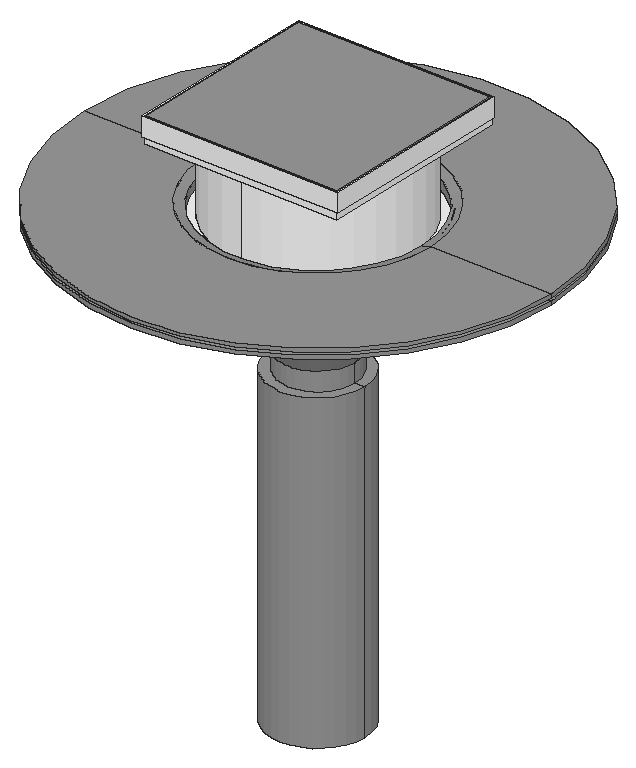
Revit family "HL_RU_Roof drain_HL69BP-B-221103", category Sanitärinstallationen, Revit 2020
Family settings
  Bemaßung runder Anschluss = Durchmesser verwenden
  Teiletyp = Normal
  OmniClass-Nummer = 23.70.50.21.24.14
  OmniClass-Titel = Deck Waste Water Drains
  Arbeitsebenenbasiert = Nein
  Immer vertikal = Ja
  Beim Laden mit Abzugskörper schneiden = Nein
  Gemeinsam genutzt = Nein
  Raumberechnungspunkt = Ja
Parameters (values of type "HL_Кровельная воронка_HL69BP_7")
  РЕШЁТКА = "Edelstahl 137x137mm"
  РАЗМЕР = "für DN75"
  ПРОПУСКНАЯ СПОСОБНОСТЬ [instance] = 0.0 L/s
  ПРОИЗВОДИТЕЛЬНОСТЬ = "7,00 l/sec"
  ПРАВОВАЯ ИНФОРМАЦИЯ = "Авторские права(©), права на дизайн или какие либо другие права интелектуальной собственности являются исключительной собственностью компании HL Hutterer & Lechner. Изменению не подлежит. Файл семейства с данными о прозводителе изделия защищен паролем с водяным знаком."
  НОМИНАЛЬНЫЙ ДИАМЕТР = 75 mm
  НАСАДКА = "12-65mm/148x148mm"
  МАТЕРИАЛ = "PP/PVC"
  МАКСИМАЛЬНАЯ НАГРУЗКА КЛАССА = "K - 300 kg"
  ВЫСОТА МОНТАЖА = "301 mm"
  ВЕС = "1,961 [kg]"
  Vorgabe-Ansicht = 0 mm
  Hersteller = "HL Hutterer & Lechner GmbH"  # constant formula
  URL = "http://www.hutterer-lechner.com/ru/products/catalog/roof-drains/HL69BP/7.aspx"
  Материал плитка [instance] = none
  Lüftungsverbindung = no
  Abwasserrohrverbindung = yes
  HW-Verbindung = no
  KW-Verbindung = no
  Beschreibung = "Кровельные воронки"
  Model = "HL69BP_7"
  Assembly Code = " "
  Typenkommentare = "HL69BP/7, \"Ремонтная\" кровельная воронка с ПВХ_консолью для DN75. Может использоваться для эксплуатируемой кровли _ 148х148мм/137х137мм"
  Keynote = "HL69BP_7"
  Bысота монтажа [instance] = 65 mm
  G [instance] = 180.00°  # constant formula
  EAN = "9003076022748"
  D [instance] = if(НОМИНАЛЬНЫЙ ДИАМЕТР = 75 mm, 250.7 mm, if(НОМИНАЛЬНЫЙ ДИАМЕТР = 160 mm, 250.7 mm, 363.5 mm)) + Bысота монтажа  # 315.7 mm
  C [instance] = if(Bысота монтажа - 68 mm < 0 mm, 0 mm, Bысота монтажа - 68 mm)  # 0 mm
  B [instance] = 100 mm  # constant formula
  A [instance] = if(B - 100 mm > 15 mm, B - 100 mm, 15 mm)  # 15 mm
Types (4, lengths in mm): name | РАЗМЕР | ПРОИЗВОДИТЕЛЬНОСТЬ | НОМИНАЛЬНЫЙ ДИАМЕТР | ВЕС | URL | Model | Typenkommentare | Keynote | EAN | D
  (no name) | "für DN75" | "7,00 l/sec" | 75 | "1,961 [kg]" | "http://www.hutterer-lechner.com/ru/products/catalog/roof-drains/HL69BP/7.aspx" | "HL69BP_7" | "HL69BP/7, \"Ремонтная\" кровельная воронка с ПВХ_консолью для DN75. Может использоваться для эксплуатируемой кровли _ 148х148мм/137х137мм" | "HL69BP_7" | "9003076022748" | 315.7
  HL_Кровельная воронка_HL69BP_1 | "für DN110" | "6,83 l/s" | 110 | "2,02 [kg]" | "http://www.hutterer-lechner.com/ru/products/catalog/roof-drains/HL69BP/1.aspx" | "HL69BP_1" | "HL69BP/1, \"Ремонтная\" кровельная воронка с ПВХ_консолью для DN110. Может использоваться для эксплуатируемой кровли _ 148х148мм/137х137мм" | "HL69BP_1" | "9003076022687" | 428.5
  HL_Кровельная воронка_HL69BP_5 | "für DN160" | "6,50 l/s" | 160 | "2,02 [kg]" | "http://www.hutterer-lechner.com/ru/products/catalog/roof-drains/HL69BP/5.aspx" | "HL69BP_5" | "HL69BP/5, \"Ремонтная\" кровельная воронка с ПВХ_консолью для DN160. Может использоваться для эксплуатируемой кровли _ 148х148мм/137х137мм" | "HL69BP_5" | "9003076022724" | 315.7
  HL_Кровельная воронка_HL69BP_7 | "für DN75" | "7,00 l/sec" | 75 | "1,961 [kg]" | "http://www.hutterer-lechner.com/ru/products/catalog/roof-drains/HL69BP/7.aspx" | "HL69BP_7" | "HL69BP/7, \"Ремонтная\" кровельная воронка с ПВХ_консолью для DN75. Может использоваться для эксплуатируемой кровли _ 148х148мм/137х137мм" | "HL69BP_7" | "9003076022748" | 315.7
Reference planes
  plane 1 "Center (Front/Back)": y = 0
  plane 2: z = 0
  plane 3 "Center (Left/Right)": x = 0
  plane 4: z = -100
  plane 5: z = -65
Lines and regions (mm)
  model lines, style "InvisibleLines"
    curve 1: line (0, 0, 0) -> (0, 0, 20)
  model lines, style "PlumbingFixtures", detail levels coarse+medium
    curve 2: line (0, 0, -100) -> (0, 0, -85)
    curve 3: line (0, 0, -85) -> (-85, 0, 0)
    curve 4: line (0, 0, -85) -> (85, 0, 0)
    curve 6: line (0, 0, -100) -> (0, 0, -415.7)
  reference lines, not visible
    curve 5: line (0, 0, -100) -> (0, 0, -415.7)
  symbolic lines, style "PlumbingFixtures", detail levels coarse+medium
    curve 7: line (-75, 75, 0) -> (75, 75, 0)
    curve 8: line (-75, -75, 0) -> (-75, 75, 0)
    curve 9: line (75, -75, 0) -> (-75, -75, 0)
    curve 10: line (75, 75, 0) -> (75, -75, 0)
    curve 11: line (-75, 75, 0) -> (-145.711, 145.711, 0)
    curve 12: line (75, 75, 0) -> (145.711, 145.711, 0)
    curve 13: line (-75, -75, 0) -> (-145.711, -145.711, 0)
    curve 14: line (75, -75, 0) -> (145.711, -145.711, 0)
  symbolic lines, style "PlumbingFixtures", not visible, detail levels coarse+medium
    curve 15: line (-75, 75, 0) -> (75, 75, 0)
    curve 16: line (-75, -75, 0) -> (-75, 75, 0)
    curve 17: line (75, -75, 0) -> (-75, -75, 0)
    curve 18: line (75, 75, 0) -> (75, -75, 0)
    curve 19: line (-75, 75, 0) -> (-145.711, 145.711, 0)
    curve 20: line (75, 75, 0) -> (145.711, 145.711, 0)
    curve 21: line (-75, -75, 0) -> (-145.711, -145.711, 0)
    curve 22: line (75, -75, 0) -> (145.711, -145.711, 0)
Text (mm)
  text "FLOOR" at (-162.344, 0, -10.979), in view "Drain Construction View"
Dimensions and locks
  "B": plane 2 to plane 4
  "Bысота монтажа": plane 2 to plane 5
  "A": curve 4 to plane 4
  "D": curve 5 to curve 5
  "D": curve 6 to curve 6
  locked: curve 4 to plane 3 "Center (Left/Right)" (angle 45.00°)
  locked: plane 3 "Center (Left/Right)" to curve 3 (angle 45.00°)
  "G": angle curve 5 to plane 3 "Center (Left/Right)"
  aligned and locked: level to plane 2
  aligned and locked: plane 2 to curve 4
  aligned and locked: plane 2 to curve 3
  aligned and locked: plane 4 to curve 5
  aligned and locked: plane 3 "Center (Left/Right)" to curve 5
  aligned and locked: plane 4 to curve 2
  aligned and locked: curve 6 to plane 3 "Center (Left/Right)"
  aligned and locked: curve 6 to plane 4
  aligned and locked: plane 2 to nested 1
  aligned and locked: nested 2 to plane 3 "Center (Left/Right)"
  aligned and locked: plane 3 "Center (Left/Right)" to nested 1
  aligned and locked: nested 2 to plane 5
Automatic sketch dimensions
  curve 2 to plane 3 "Center (Left/Right)" = 0 mm
  curve 1 to plane 3 "Center (Left/Right)" = 0 mm
  curve 1 to level = 0 mm
  level to curve 1 = 20 mm
Nested families
  nested 1: "HL_Насадка_HL66.9S" at (0, 0, 0), Bысота монтажа <- "Bысота монтажа", type "HL_Grate frame_HL66.9S"
    with L 93 mm, IHmin 12 mm, IHmax 65 mm, Bысота монтажа 65 mm
  nested 2: "HL_кровельные воронки - корпус_HL69P" at (0, 0, -69.5), НОМИНАЛЬНЫЙ ДИАМЕТР <- "НОМИНАЛЬНЫЙ ДИАМЕТР", type "HL_кровельные воронки - корпус_HL69P"
    with НОМИНАЛЬНЫЙ ДИАМЕТР 75 mm, C no, B yes, A no
Connectors
  piping at (0, 0, -415.7), diameter 75, driven by "ПРОПУСКНАЯ СПОСОБНОСТЬ", driven by "НОМИНАЛЬНЫЙ ДИАМЕТР"
    settings: on curve 5, index 1, connector inside diameter 609.6 mm, connector length 0 mm, flow factor 0, pipe flow 0.0 L/s, pressure drop 0.0 Pa, fitting loss kfactor 0, connector angle 0.00°, fixture units 0, engagement length 0 mm, angle of deflection 0.00°, flow configuration 1, flow direction 2, fitting loss method 0, system type 16, joint type 0, gender type 0, connector reference index -1, connector utility 0, adjustable connector yes, is connector primary yes, connector description ""
Definition of nested family "HL_Насадка_HL66.9S"
  Parameters (values of type "HL_Grate frame_HL66.9S")
    РЕШЁТКА = "Edelstahl 138x138mm"
    РАЗМЕР = "d 145 mm"
    ПРАВОВАЯ ИНФОРМАЦИЯ = "Авторские права(©), права на дизайн или какие либо другие права интелектуальной собственности являются исключительной собственностью компании HL Hutterer & Lechner. Изменению не подлежит. Файл семейства с данными о прозводителе изделия защищен паролем с водяным знаком."
    НАСАДКА = "147x147mm"
    МАТЕРИАЛ = "PP"
    МАКСИМАЛЬНАЯ НАГРУЗКА КЛАССА = "K - 300 kg"
    ВЫСОТА МОНТАЖА = "12-65mm"
    Материал плитка = none
    ВЕС = "0,345 [kg]"
    Default Elevation = 0 mm
    L [instance] = if(Bысота монтажа < IHmin, -100 mm, if(Bысота монтажа > IHmax, -100 mm, Bысота монтажа + 28 mm))  # 93 mm
    Manufacturer = "HL Hutterer & Lechner GmbH"
    URL = "http://www.hutterer-lechner.com/ru/products/catalog/roof-drains/HL66.9.aspx"
    Description = "Кровельные воронки"
    Model = "HL66.9"
    Type Comments = "HL66.9, Насадка d 145мм с бороздками/147х147мм/138х138мм"
    Keynote = "HL66.9"
    Bысота монтажа [instance] = 65 mm
    IHmin [instance] = 12 mm
    IHmax [instance] = 65 mm
    EAN = "9003076014606"
    Cost = 0
  Reference planes
    plane 1 "Střed (vpředu/vzadu)": y = 0
    plane 2: z = 0
    plane 3 "Střed (vlevo/vpravo)": x = 0
  Forms (mm)
    Revolve 1, solid, detail levels fine
      sketch origin (0, 0, 128) x (0, 1, 0) y (0, 0, 1)
        loop
          line (72.5, -142) -> (69.248, -142) -> (69.248, -221) -> (72.5, -221) -> (72.5, -142)
        axis (0, -142) -> (0, -221)
      angle from 0 to 360
    Extrusion 2, solid, detail levels fine
      sketch origin (-1.537, 0, -14.6) x (0, 1, 0) y (-1, 0, 0)
        loop
          line (74, 72.459) -> (-74, 72.459) -> (-74, -75.537) -> (74, -75.537) -> (74, 72.459)
        loop
          line (73, 71.463) -> (-73, 71.463) -> (-73, -74.537) -> (73, -74.537) -> (73, 71.463)
      from 0.6 to 14.6
    Extrusion 3, solid, detail levels fine
      sketch origin (-1.537, 0, -14) x (-1, 0, 0) y (0, 1, 0)
        loop
          line (71.463, 73) -> (-74.537, 73) -> (-74.537, -73) -> (71.463, -73) -> (71.463, 73)
        loop
          circle (-1.537, 0) r 72.5
      from 0 to 5
    Extrusion 4, solid, detail levels fine
      sketch origin (-1.537, 0, -14) x (-1, 0, 0) y (0, -1, 0)
        loop
          line (70.95, -72.397) -> (70.95, 72.463) -> (-74.05, 72.463) -> (-74.05, -72.397) -> (70.95, -72.397)
      from 0 to 14
    Revolve 5, solid, detail levels fine
      sketch origin (0, 75.989, -93) x (0, -1, 0) y (0, 0, -1)
        loop
          line (3.489, -20) -> (3.489, 0) -> (0.186, 0) -> (-2.325, -2.511) -> (-2.325, -20) -> (3.489, -20)
        axis (75.989, -20) -> (75.989, 0)
      angle from 0 to 360
  Lines and regions (mm)
    model lines, detail levels fine
      curve 1: line (36.25, 24.325, 0) -> (36.25, -24.42, 0)
      curve 2: line (43.75, -24.42, 0) -> (43.75, 24.325, 0)
      curve 3: line (52.25, 40.306, 0) -> (52.25, -40.355, 0)
      curve 4: line (59.75, -40.355, 0) -> (59.75, 40.306, 0)
      curve 5: line (20.25, 8.588, 0) -> (20.25, -8.684, 0)
      curve 6: line (27.75, -8.684, 0) -> (27.75, 8.588, 0)
      curve 7: arc (27.75, 8.588, 0) -> (24, 12.338, 0) -> (20.25, 8.588, 0) r 3.75
      curve 8: arc (20.25, -8.684, 0) -> (24, -12.434, 0) -> (27.75, -8.684, 0) r 3.75
      curve 9: arc (36.25, -24.42, 0) -> (40, -28.17, 0) -> (43.75, -24.42, 0) r 3.75
      curve 10: arc (43.75, 24.325, 0) -> (40, 28.075, 0) -> (36.25, 24.325, 0) r 3.75
      curve 11: arc (59.75, 40.306, 0) -> (56, 44.056, 0) -> (52.25, 40.306, 0) r 3.75
      curve 12: arc (52.25, -40.355, 0) -> (56, -44.105, 0) -> (59.75, -40.355, 0) r 3.75
      curve 13: line (-24.325, -36.25, 0) -> (24.42, -36.25, 0)
      curve 14: line (24.42, -43.75, 0) -> (-24.325, -43.75, 0)
      curve 15: line (-40.306, -52.25, 0) -> (40.355, -52.25, 0)
      curve 16: line (40.355, -59.75, 0) -> (-40.306, -59.75, 0)
      curve 17: line (-8.588, -20.25, 0) -> (8.684, -20.25, 0)
      curve 18: line (8.684, -27.75, 0) -> (-8.588, -27.75, 0)
      curve 19: arc (-8.588, -27.75, 0) -> (-12.338, -24, 0) -> (-8.588, -20.25, 0) r 3.75
      curve 20: arc (8.684, -20.25, 0) -> (12.434, -24, 0) -> (8.684, -27.75, 0) r 3.75
      curve 21: arc (24.42, -36.25, 0) -> (28.17, -40, 0) -> (24.42, -43.75, 0) r 3.75
      curve 22: arc (-24.325, -43.75, 0) -> (-28.075, -40, 0) -> (-24.325, -36.25, 0) r 3.75
      curve 23: arc (-40.306, -59.75, 0) -> (-44.056, -56, 0) -> (-40.306, -52.25, 0) r 3.75
      curve 24: arc (40.355, -52.25, 0) -> (44.105, -56, 0) -> (40.355, -59.75, 0) r 3.75
      curve 25: line (36.25, -24.42, 0) -> (36.25, 24.325, 0)
      curve 26: line (43.75, 24.325, 0) -> (43.75, -24.42, 0)
      curve 27: line (52.25, -40.355, 0) -> (52.25, 40.306, 0)
      curve 28: line (59.75, 40.306, 0) -> (59.75, -40.355, 0)
      curve 29: line (20.25, -8.684, 0) -> (20.25, 8.588, 0)
      curve 30: line (27.75, 8.588, 0) -> (27.75, -8.684, 0)
      curve 31: arc (27.75, -8.588, 0) -> (24, -12.338, 0) -> (20.25, -8.588, 0) r 3.75
      curve 32: arc (20.25, 8.684, 0) -> (24, 12.434, 0) -> (27.75, 8.684, 0) r 3.75
      curve 33: arc (36.25, 24.42, 0) -> (40, 28.17, 0) -> (43.75, 24.42, 0) r 3.75
      curve 34: arc (43.75, -24.325, 0) -> (40, -28.075, 0) -> (36.25, -24.325, 0) r 3.75
      curve 35: arc (59.75, -40.306, 0) -> (56, -44.056, 0) -> (52.25, -40.306, 0) r 3.75
      curve 36: arc (52.25, 40.355, 0) -> (56, 44.105, 0) -> (59.75, 40.355, 0) r 3.75
      curve 37: line (24.42, -36.25, 0) -> (-24.325, -36.25, 0)
      curve 38: line (-24.325, -43.75, 0) -> (24.42, -43.75, 0)
      curve 39: line (40.355, -52.25, 0) -> (-40.306, -52.25, 0)
      curve 40: line (-40.306, -59.75, 0) -> (40.355, -59.75, 0)
      curve 41: line (8.684, -20.25, 0) -> (-8.588, -20.25, 0)
      curve 42: line (-8.588, -27.75, 0) -> (8.684, -27.75, 0)
      curve 43: arc (8.588, -27.75, 0) -> (12.338, -24, 0) -> (8.588, -20.25, 0) r 3.75
      curve 44: arc (-8.684, -20.25, 0) -> (-12.434, -24, 0) -> (-8.684, -27.75, 0) r 3.75
      curve 45: arc (-24.42, -36.25, 0) -> (-28.17, -40, 0) -> (-24.42, -43.75, 0) r 3.75
      curve 46: arc (24.325, -43.75, 0) -> (28.075, -40, 0) -> (24.325, -36.25, 0) r 3.75
      curve 47: arc (40.306, -59.75, 0) -> (44.056, -56, 0) -> (40.306, -52.25, 0) r 3.75
      curve 48: arc (-40.355, -52.25, 0) -> (-44.105, -56, 0) -> (-40.355, -59.75, 0) r 3.75
      curve 49: line (-36.25, 24.325, 0) -> (-36.25, -24.325, 0)
      curve 50: line (-43.75, -24.325, 0) -> (-43.75, 24.325, 0)
      curve 51: line (-52.25, 40.306, 0) -> (-52.25, -40.306, 0)
      curve 52: line (-59.75, -40.306, 0) -> (-59.75, 40.306, 0)
      curve 53: line (-20.25, 8.588, 0) -> (-20.25, -8.588, 0)
      curve 54: line (-27.75, -8.684, 0) -> (-27.75, 8.588, 0)
      curve 55: arc (-27.75, 8.588, 0) -> (-24, 12.338, 0) -> (-20.25, 8.588, 0) r 3.75
      curve 56: arc (-20.25, -8.684, 0) -> (-24, -12.434, 0) -> (-27.75, -8.684, 0) r 3.75
      curve 57: arc (-43.75, 24.325, 0) -> (-40, 28.075, 0) -> (-36.25, 24.325, 0) r 3.75
      curve 58: arc (-59.75, 40.306, 0) -> (-56, 44.056, 0) -> (-52.25, 40.306, 0) r 3.75
      curve 59: line (-36.25, -24.325, 0) -> (-36.25, 24.325, 0)
      curve 60: line (-43.75, 24.325, 0) -> (-43.75, -24.325, 0)
      curve 61: line (-52.25, -40.306, 0) -> (-52.25, 40.306, 0)
      curve 62: line (-59.75, 40.306, 0) -> (-59.75, -40.306, 0)
      curve 63: line (-20.25, -8.588, 0) -> (-20.25, 8.588, 0)
      curve 64: line (-27.75, 8.588, 0) -> (-27.75, -8.684, 0)
      curve 65: arc (-27.75, -8.588, 0) -> (-24, -12.338, 0) -> (-20.25, -8.588, 0) r 3.75
      curve 66: arc (-20.25, 8.684, 0) -> (-24, 12.434, 0) -> (-27.75, 8.684, 0) r 3.75
      curve 67: arc (-36.25, 24.42, 0) -> (-40, 28.17, 0) -> (-43.75, 24.42, 0) r 3.75
      curve 68: arc (-43.75, -24.325, 0) -> (-40, -28.075, 0) -> (-36.25, -24.325, 0) r 3.75
      curve 69: arc (-59.75, -40.306, 0) -> (-56, -44.056, 0) -> (-52.25, -40.306, 0) r 3.75
      curve 70: arc (-52.25, 40.355, 0) -> (-56, 44.105, 0) -> (-59.75, 40.355, 0) r 3.75
      curve 71: line (-24.42, 36.25, 0) -> (24.325, 36.25, 0)
      curve 72: line (24.42, 43.75, 0) -> (-24.42, 43.75, 0)
      curve 73: line (-40.355, 52.25, 0) -> (40.306, 52.25, 0)
      curve 74: line (40.306, 59.75, 0) -> (-40.355, 59.75, 0)
      curve 75: line (-8.588, 20.25, 0) -> (8.588, 20.25, 0)
      curve 76: line (8.684, 27.75, 0) -> (-8.588, 27.75, 0)
      curve 77: arc (-8.588, 27.75, 0) -> (-12.338, 24, 0) -> (-8.588, 20.25, 0) r 3.75
      curve 78: arc (8.684, 20.25, 0) -> (12.434, 24, 0) -> (8.684, 27.75, 0) r 3.75
      curve 79: arc (24.42, 36.25, 0) -> (28.17, 40, 0) -> (24.42, 43.75, 0) r 3.75
      curve 80: line (24.325, 36.25, 0) -> (-24.42, 36.25, 0)
      curve 81: line (-24.42, 43.75, 0) -> (24.42, 43.75, 0)
      curve 82: line (40.306, 52.25, 0) -> (-40.355, 52.25, 0)
      curve 83: line (-40.355, 59.75, 0) -> (40.306, 59.75, 0)
      curve 84: line (8.588, 20.25, 0) -> (-8.588, 20.25, 0)
      curve 85: line (-8.588, 27.75, 0) -> (8.684, 27.75, 0)
      curve 86: arc (8.588, 27.75, 0) -> (12.338, 24, 0) -> (8.588, 20.25, 0) r 3.75
      curve 87: arc (-8.684, 20.25, 0) -> (-12.434, 24, 0) -> (-8.684, 27.75, 0) r 3.75
      curve 88: arc (-24.42, 36.25, 0) -> (-28.17, 40, 0) -> (-24.42, 43.75, 0) r 3.75
      curve 89: arc (24.325, 43.75, 0) -> (28.075, 40, 0) -> (24.325, 36.25, 0) r 3.75
      curve 90: arc (40.306, 59.75, 0) -> (44.056, 56, 0) -> (40.306, 52.25, 0) r 3.75
      curve 91: arc (-40.355, 52.25, 0) -> (-44.105, 56, 0) -> (-40.355, 59.75, 0) r 3.75
    reference lines
      curve 92: line (0, 75.989, -93) -> (0, -174.011, -93)
  Dimensions and locks
    Extrusion 2 sketch curve to Extrusion 2 sketch curve = 147.996 mm
    Extrusion 2 sketch curve to Extrusion 2 sketch curve = 148 mm
    "L": curve 92 to plane 2
    aligned and locked: level to plane 2
    aligned and locked: Revolve 1 to curve 92
  Automatic sketch dimensions
    plane 1 "Střed (vpředu/vzadu)" to Extrusion 2 sketch curve = 74 mm
    Extrusion 2 sketch curve to Extrusion 2 sketch curve = 1 mm  (x3)
    plane 3 "Střed (vlevo/vpravo)" to Extrusion 2 sketch curve = 74 mm
    Extrusion 2 sketch curve to Extrusion 2 sketch curve = 0.996 mm
    Extrusion 3 sketch curve to Extrusion 2 = 0 mm  (x4)
    Extrusion 3 sketch curve to Extrusion 2 = 73 mm  (x2)
    Extrusion 2 to curve 16 = 13.25 mm
    curve 24 to curve 47 = 3.75 mm
    curve 47 to curve 24 = 0 mm
    curve 48 to curve 23 = 0 mm  (x2)
    curve 23 to curve 38 = 8.5 mm
    curve 24 to curve 12 = 11.895 mm
    curve 12 to curve 35 = 0.048 mm
    curve 15 to curve 69 = 11.944 mm
    curve 22 to curve 45 = 3.75 mm
    curve 21 to curve 46 = 3.75 mm
    curve 46 to curve 21 = 0 mm
    curve 22 to curve 18 = 8.5 mm
    curve 21 to curve 9 = 11.83 mm
    curve 13 to curve 49 = 11.925 mm
    curve 9 to curve 34 = 0.095 mm
    curve 18 to curve 19 = 3.75 mm
    curve 44 to curve 19 = 0 mm  (x2)
    curve 43 to curve 20 = 0 mm
    curve 20 to curve 5 = 11.566 mm
    curve 49 to curve 64 = 15.642 mm
    curve 8 to curve 31 = 0.095 mm
    curve 56 to curve 53 = 0.095 mm
    curve 65 to curve 64 = 17.177 mm
    curve 31 to curve 29 = 17.177 mm
    curve 7 to curve 32 = 0.095 mm
    curve 55 to curve 66 = 0.095 mm
    curve 32 to curve 84 = 11.566 mm
    curve 86 to curve 78 = 3.75 mm
    curve 86 to curve 78 = 0 mm
    curve 77 to curve 87 = 3.75 mm
    curve 87 to curve 77 = 0 mm  (x2)
    curve 66 to curve 60 = 15.642 mm
    curve 32 to curve 26 = 15.642 mm
    curve 10 to curve 33 = 0.095 mm
    curve 57 to curve 67 = 0.095 mm
    curve 33 to curve 71 = 11.83 mm
    curve 89 to curve 89 = 3.75 mm
    curve 88 to curve 88 = 3.75 mm
    curve 89 to curve 79 = 0 mm
    curve 33 to curve 11 = 15.886 mm
    curve 67 to curve 51 = 15.886 mm
    curve 58 to curve 70 = 0.048 mm
    curve 11 to curve 36 = 0.048 mm
    curve 70 to curve 73 = 11.895 mm
    curve 90 to curve 90 = 3.75 mm
    Extrusion 2 to curve 28 = 13.25 mm
    curve 4 to curve 11 = 3.75 mm
    curve 35 to curve 12 = 0 mm
    curve 36 to curve 11 = 0 mm
    curve 3 to curve 2 = 8.5 mm
    curve 3 to curve 39 = 11.895 mm
    curve 11 to curve 83 = 11.944 mm
    curve 24 to curve 47 = 0.048 mm
    curve 26 to curve 9 = 3.75 mm
    curve 33 to curve 10 = 0 mm
    curve 34 to curve 9 = 0 mm
    curve 34 to curve 30 = 8.5 mm
    curve 90 to curve 72 = 15.886 mm
    curve 1 to curve 21 = 11.83 mm
    curve 79 to curve 80 = 0.095 mm
    curve 21 to curve 46 = 0.095 mm
    curve 6 to curve 32 = 3.75 mm
    curve 6 to curve 8 = 3.75 mm
    curve 31 to curve 8 = 0 mm
    curve 29 to curve 17 = 11.566 mm
    curve 7 to curve 78 = 11.566 mm
    curve 78 to curve 86 = 0.095 mm
    curve 20 to curve 43 = 0.095 mm
    curve 43 to curve 41 = 17.177 mm
    curve 86 to curve 77 = 17.177 mm
    curve 19 to curve 44 = 0.095 mm
    curve 77 to curve 87 = 0.095 mm
    curve 87 to curve 53 = 11.566 mm
    curve 53 to curve 66 = 3.75 mm
    curve 55 to curve 66 = 0 mm
    curve 56 to curve 54 = 3.75 mm
    curve 65 to curve 56 = 0 mm
    curve 44 to curve 14 = 15.642 mm
    curve 22 to curve 45 = 0.095 mm
    curve 87 to curve 72 = 15.736 mm
    curve 45 to curve 59 = 11.83 mm
    curve 57 to curve 67 = 3.75 mm
    curve 68 to curve 68 = 3.75 mm
    curve 45 to curve 15 = 15.886 mm
    curve 23 to curve 48 = 0.048 mm
    curve 72 to curve 74 = 15.935 mm
    curve 91 to curve 51 = 11.895 mm
    curve 51 to curve 70 = 3.75 mm
    curve 51 to curve 69 = 3.75 mm
    curve 45 to curve 22 = 0 mm
    curve 36 to curve 28 = 0 mm
    curve 33 to curve 2 = 0 mm
    curve 32 to curve 30 = 0 mm
    curve 66 to curve 55 = 0 mm
    curve 67 to curve 57 = 0 mm
    curve 70 to curve 51 = 0 mm
    Extrusion 4 sketch curve to Extrusion 3 = 0.487 mm
    Extrusion 4 sketch curve to Extrusion 3 = 0.513 mm
    Extrusion 4 sketch curve to Extrusion 3 = 0.603 mm
    Extrusion 4 sketch curve to Extrusion 3 = 0.537 mm
    Revolve 1 sketch curve to plane 1 "Střed (vpředu/vzadu)" = 0 mm
    Revolve 1 sketch curve to level = 14 mm
    Revolve 1 sketch curve to plane 1 "Střed (vpředu/vzadu)" = 69.248 mm
    Revolve 1 sketch curve to Revolve 1 sketch curve = 3.252 mm
    Revolve 1 sketch curve to Revolve 1 sketch curve = 79 mm
    Revolve 1 sketch curve to Revolve 1 sketch curve = 17.5 mm
    level to Revolve 1 sketch curve = 144.5 mm
    Revolve 5 sketch curve to curve 92 = 0 mm
    Revolve 5 sketch curve to curve 92 = 2.325 mm
    curve 92 to Revolve 5 sketch curve = 0.186 mm
    curve 92 to Revolve 5 sketch curve = 3.489 mm
    Revolve 5 sketch curve to curve 92 = 2.511 mm
    Revolve 5 sketch curve to curve 92 = 20 mm
    curve 92 to Revolve 5 sketch curve = 75.989 mm
    Revolve 5 sketch curve to curve 92 = 393 mm
    curve 92 to Revolve 5 sketch curve = 207 mm
    plane 1 "Střed (vpředu/vzadu)" to curve 92 = 174.011 mm
    curve 92 to plane 1 "Střed (vpředu/vzadu)" = 75.989 mm
    radius of Extrusion 3 sketch curve = 72.5 mm
Definition of nested family "HL_кровельные воронки - корпус_HL69P"
  Parameters (values of type "HL_кровельные воронки - корпус_HL69P")
    НОМИНАЛЬНЫЙ ДИАМЕТР [instance] = 110 mm
    Default Elevation = 0 mm
    Manufacturer = ""
    URL = ""
    Description = ""
    Model = ""
    Type Comments = ""
    Cost = 0
    C [instance] = if(НОМИНАЛЬНЫЙ ДИАМЕТР = 160 mm, (1 = 1), 0 = 1)  # no
    B [instance] = if(НОМИНАЛЬНЫЙ ДИАМЕТР = 75 mm, (1 = 1), 0 = 1)  # no
    A [instance] = if(or(НОМИНАЛЬНЫЙ ДИАМЕТР = 125 mm, НОМИНАЛЬНЫЙ ДИАМЕТР = 110 mm), (1 = 1), 0 = 1)  # yes
  Reference planes
    plane 1 "Střed (vpředu/vzadu)": y = 0
    plane 2: z = 0
    plane 3 "Střed (vlevo/vpravo)": x = 0
  Forms (mm)
    Revolve 1, solid, detail levels fine
      sketch origin (0, 0, 0) x (1, 0, 0) y (0, 0, 1)
        loop
          line (-177, -3) -> (-128.681, -3) -> (-104.622, -11.757) -> (-85.494, -11.757) -> (-85.494, -34.757) -> (-80.751, -34.757) -> (-80.751, -45.214) -> (0, -45.214) -> (0, -42) -> (-77.75, -42) -> (-77.75, -25.487) -> (-82.978, -18.291) -> (-82.978, 0) -> (-177, 0) -> (-177, -3)
        axis (0, 0) -> (0, -45.214)
      angle from 0 to 360
    Revolve 2, solid, detail levels fine
      sketch origin (0, 0, 0) x (1, 0, 0) y (0, 0, 1)
        loop
          line (-177, 2) -> (-81.339, 2) -> (-81.339, -18.661) -> (-76.5, -23.5) -> (-73.99, -23.5) -> (-79.024, -17.5) -> (-79.024, 2.5) -> (-85.999, 4.5) -> (-177, 4.5) -> (-177, 2)
        axis (0, 4.5) -> (0, -23.5)
      angle from 0 to 360
    Revolve 3, solid, visible <- "A", detail levels fine
      sketch origin (-420, 0, 0) x (1, 0, 0) y (0, 0, 1)
        loop
          line (374.558, -144) -> (420, -144) -> (420, -45.214) -> (346.285, -45.214) -> (356.819, -63.459) -> (356.819, -99) -> (374.558, -99) -> (374.558, -144)
        axis (420, -45.214) -> (420, -144)
      angle from 0 to 360
    Extrusion 4, solid, visible <- "A", detail levels fine
      sketch origin (0, 0, -144) x (0, 1, 0) y (1, 0, 0)
        loop
          circle (0, 0) r 55
      from 0 to 315
    Revolve 5, solid, visible <- "C", detail levels fine
      sketch origin (0, 0, 0) x (1, 0, 0) y (0, 0, 1)
        loop
          line (-73.507, -45.214) -> (-73.507, -67.214) -> (-63.507, -67.214) -> (-63.507, -107.714) -> (-81.007, -107.714) -> (-81.007, -346.214) -> (0, -346.214) -> (0, -45.214) -> (-73.507, -45.214)
        axis (0, -45.214) -> (0, -346.214)
      angle from 0 to 360
    Revolve 6, solid, visible <- "B", detail levels fine
      sketch origin (0, 0, 0) x (1, 0, 0) y (0, 0, 1)
        loop
          line (-28.12, -94.314) -> (-28.12, -108.214) -> (-35.72, -108.214) -> (-35.72, -346.214) -> (0, -346.214) -> (0, -45.214) -> (-62.726, -45.214) -> (-28.12, -94.314)
        axis (0, -45.214) -> (0, -346.214)
      angle from 0 to 360
  Dimensions and locks
    "НОМИНАЛЬНЫЙ ДИАМЕТР": diameter of Extrusion 4 sketch curve
    aligned and locked: level to plane 2
  Automatic sketch dimensions
    Revolve 1 sketch curve to level = 0 mm
    Revolve 1 sketch curve to plane 3 "Střed (vlevo/vpravo)" = 0 mm  (x2)
    Revolve 1 sketch curve to plane 3 "Střed (vlevo/vpravo)" = 77.75 mm
    Revolve 1 sketch curve to Revolve 1 sketch curve = 3.001 mm
    Revolve 1 sketch curve to level = 18.291 mm
    Revolve 1 sketch curve to Revolve 1 sketch curve = 5.228 mm
    Revolve 1 sketch curve to Revolve 1 sketch curve = 2.516 mm
    Revolve 1 sketch curve to Revolve 1 sketch curve = 19.128 mm
    Revolve 1 sketch curve to level = 3 mm
    Revolve 1 sketch curve to Revolve 1 sketch curve = 24.058 mm
    Revolve 1 sketch curve to Revolve 1 sketch curve = 48.319 mm
    Revolve 1 sketch curve to Revolve 1 sketch curve = 7.196 mm
    Revolve 1 sketch curve to Revolve 1 sketch curve = 9.27 mm
    Revolve 1 sketch curve to level = 42 mm
    Revolve 1 sketch curve to Revolve 1 sketch curve = 3.214 mm
    Revolve 1 sketch curve to level = 11.757 mm
    level to Revolve 1 sketch curve = 29.5 mm
    Revolve 1 sketch curve to Revolve 1 sketch curve = 50 mm
    Revolve 2 sketch curve to plane 3 "Střed (vlevo/vpravo)" = 0 mm
    Revolve 2 sketch curve to level = 23.5 mm
    Revolve 2 sketch curve to plane 3 "Střed (vlevo/vpravo)" = 73.99 mm
    Revolve 2 sketch curve to Revolve 2 sketch curve = 2.51 mm
    Revolve 2 sketch curve to level = 17.5 mm
    Revolve 2 sketch curve to Revolve 2 sketch curve = 2.524 mm
    Revolve 2 sketch curve to Revolve 2 sketch curve = 2.315 mm
    level to Revolve 2 sketch curve = 4.5 mm
    Revolve 2 sketch curve to Revolve 2 sketch curve = 4.66 mm
    level to Revolve 2 sketch curve = 2 mm
    Revolve 2 sketch curve to Revolve 2 sketch curve = 91.001 mm
    Revolve 2 sketch curve to Revolve 2 sketch curve = 1.161 mm
    Revolve 2 sketch curve to Revolve 2 sketch curve = 0.5 mm
    level to Revolve 2 sketch curve = 16.916 mm
    Revolve 2 sketch curve to Revolve 2 sketch curve = 27.433 mm
    Revolve 3 sketch curve to plane 3 "Střed (vlevo/vpravo)" = 0 mm  (x2)
    Revolve 3 sketch curve to plane 3 "Střed (vlevo/vpravo)" = 45.442 mm
    Revolve 3 sketch curve to Revolve 3 sketch curve = 17.739 mm
    Revolve 3 sketch curve to Revolve 3 sketch curve = 10.533 mm
    Revolve 3 sketch curve to level = 144 mm
    Revolve 3 sketch curve to Revolve 3 sketch curve = 45 mm
    Revolve 3 sketch curve to Revolve 3 sketch curve = 35.541 mm
    Revolve 3 sketch curve to level = 45.214 mm
    level to Revolve 3 sketch curve = 29.5 mm
    Revolve 3 sketch curve to Revolve 3 sketch curve = 50 mm
    Revolve 5 sketch curve to plane 3 "Střed (vlevo/vpravo)" = 0 mm
    Revolve 5 sketch curve to plane 3 "Střed (vlevo/vpravo)" = 63.507 mm
    Revolve 5 sketch curve to Revolve 5 sketch curve = 10 mm
    Revolve 5 sketch curve to Revolve 5 sketch curve = 17.5 mm
    Revolve 5 sketch curve to level = 346.214 mm
    Revolve 5 sketch curve to level = 107.714 mm
    Revolve 5 sketch curve to Revolve 5 sketch curve = 40.5 mm
    Revolve 5 sketch curve to Revolve 5 sketch curve = 22 mm
    Revolve 6 sketch curve to plane 3 "Střed (vlevo/vpravo)" = 0 mm
    Revolve 6 sketch curve to plane 3 "Střed (vlevo/vpravo)" = 28.12 mm
    Revolve 6 sketch curve to plane 3 "Střed (vlevo/vpravo)" = 35.72 mm
    Revolve 6 sketch curve to Revolve 6 sketch curve = 34.606 mm
    Revolve 6 sketch curve to level = 346.214 mm
    Revolve 6 sketch curve to level = 108.214 mm
    Revolve 6 sketch curve to Revolve 6 sketch curve = 13.9 mm
    Revolve 6 sketch curve to level = 45.214 mm
    Extrusion 4 sketch curve to Revolve 3 = 0 mm
